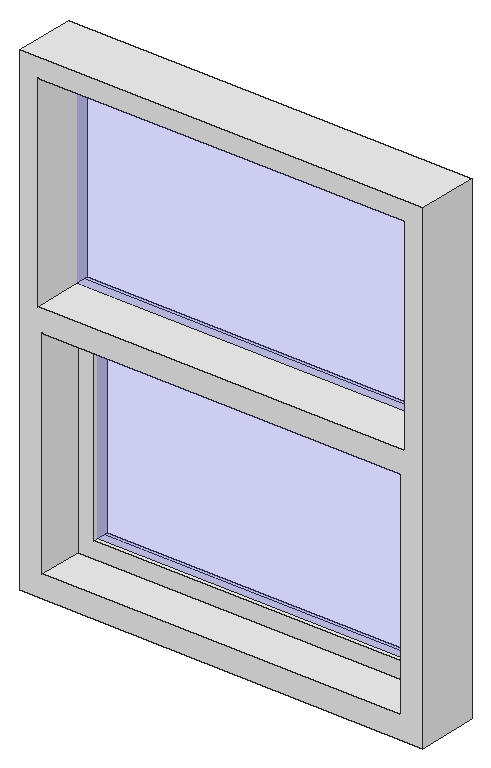
Revit family
Parameters
  창 두께 = 150 mm
  창 패널 = AW8 창 패널
  창 프레임 = AW8 창 프레임
  Height = 1200 mm
  기본 씰 높이 = 1200 mm
  Wall Closure = (empty or 0)
  Width = 1000 mm
Reference planes
  plane 1: y = 0
  plane 2 "중심(왼쪽/오른쪽)": x = 0
  plane 3 "왼쪽": x = -500
  plane 4 "오른쪽": x = 500
  plane 5 "씰": z = 1200
  plane 6 "헤드": z = 2400
  plane 7 "외부": y = 100
  plane 8 "내부": y = -100
  plane 9: y = 75
  plane 10: y = -75
  plane 11: y = 35
  plane 12: x = -455
  plane 13: x = 455
  plane 14: x = -445
  plane 15: x = 445
  plane 16: z = 1800
  plane 17: z = 1790
  plane 18: z = 1845
  plane 19: y = 55
  plane 20: y = 66
  plane 21: y = 44
  plane 22: y = -11
  plane 23: y = 11
Forms (mm)
  Sweep 1, solid, material "AW8 창 프레임" <- "창 프레임"
    path origin (-2000, 75, 1000) x (-1, 0, 0) y (0, 0, 1)
      loop
        line (-2455, 800) -> (-2455, 245) -> (-1545, 245) -> (-1545, 800) -> (-2455, 800)
    profile origin (455, 75, 1245) x (1, 0, 0) y (0, 1, 0)
      loop
        line (0, 0) -> (-50, 0) -> (-50, -40) -> (0, -40) -> (0, 0)
  Sweep 2, solid, material "AW8 창 프레임" <- "창 프레임"
    path origin (-2000, 75, 1000) x (-1, 0, 0) y (0, 0, 1)
      loop
        line (-2500, 800) -> (-2500, 200) -> (-1500, 200) -> (-1500, 800)
    profile origin (500, 75, 1500) x (0, 1, 0) y (-1, 0, 0)
      loop
        line (0, 0) -> (0, 45) -> (-40, 45) -> (-40, 55) -> (-150, 55) -> (-150, 0) -> (0, 0)
  Sweep 3, solid, material "AW8 창 프레임" <- "창 프레임"
    path origin (-2000, 75, 1000) x (-1, 0, 0) y (0, 0, 1)
      loop
        line (-2500, 800) -> (-2500, 1400) -> (-1500, 1400) -> (-1500, 800)
    profile origin (500, 75, 2100) x (1, 0, 0) y (0, 1, 0)
      loop
        line (0, 0) -> (-45, 0) -> (-45, -150) -> (0, -150) -> (0, 0)
  Extrusion 4, solid, material "AW8 창 프레임" <- "창 프레임"
    sketch origin (455, -636.204, 1000) x (0, -1, 0) y (0, 0, 1)
      loop
        line (-711.204, 800) -> (-671.204, 800) -> (-671.204, 790) -> (-561.204, 790) -> (-561.204, 845) -> (-711.204, 845) -> (-711.204, 800)
    from 0 to 910
  Extrusion 5, solid, material "AW8 창 패널" <- "창 패널"
    sketch origin (0, 0, 0) x (1, 0, 0) y (0, 1, 0)
      loop
        line (-405, 66) -> (-405, 44) -> (405, 44) -> (405, 66) -> (-405, 66)
    from 1295 to 1750
  Extrusion 6, solid, material "AW8 창 패널" <- "창 패널"
    sketch origin (0, 0, 0) x (1, 0, 0) y (0, 1, 0)
      loop
        line (-455, 66) -> (-455, 44) -> (455, 44) -> (455, 66) -> (-455, 66)
    from 1845 to 2355
Cuts and joins
  joined: Sweep 2, Sweep 3, Extrusion 4
Lines and regions (mm)
  Opening 1
    outline origin (3500, -100, 0) x (1, 0, 0) y (0, 0, 1)
      loop
        line (-3000, 1200) -> (-3000, 2400) -> (-4000, 2400) -> (-4000, 1200) -> (-3000, 1200)
  symbolic lines, style "입면도 스윙"
    curve 1: line (455, 75, 1245) -> (0, 75, 1800)
    curve 2: line (0, 75, 1800) -> (-455, 75, 1245)
  symbolic lines, style "평면 스윙"
    curve 3: line (-500, 100, 0) -> (500, 100, 0)
    curve 4: line (-500, -100, 0) -> (-500, 100, 0)
    curve 5: line (500, -100, 0) -> (-500, -100, 0)
    curve 6: line (500, 100, 0) -> (500, -100, 0)
    curve 7: line (-500, 75, 0) -> (500, 75, 0)
    curve 8: line (-500, 35, 0) -> (500, 35, 0)
    curve 9: line (-500, 55, 0) -> (500, 55, 0)
Text (mm)
  text "외부" at (-1963.203, 1332.353, 0), in view "참조 레벨"
  text "내부" at (-1981.466, -818.386, 0), in view "참조 레벨"
  text "외부" at (0, 923.751, 2943.296), in view "오른쪽"
  text "외부" at (0, 1040.484, 2685.409), in view "왼쪽"
Dimensions and locks
  equal spacing: plane 3 "왼쪽", plane 2 "중심(왼쪽/오른쪽)", plane 4 "오른쪽"
  "Width": plane 3 "왼쪽" to plane 4 "오른쪽"
  "Height": plane 5 "씰" to plane 6 "헤드"
  "기본 씰 높이": plane 5 "씰" to level
  locked: plane 7 "외부" to host wall at 0
  locked: plane 8 "내부" to host wall
  "창 두께": plane 9 to plane 10
  equal spacing: plane 9, host wall, plane 10
  equal spacing: plane 5 "씰", plane 16, plane 6 "헤드"
  locked: plane 5 "씰" to Sweep 1 sketch curve at 45
  Sweep 1 sketch curve to Sweep 1 sketch curve = 50 mm
  plane 17 to plane 16 to plane 18 = 10 mm locked, 45 mm locked
  plane 9 to plane 19 to plane 11 = 20 mm locked, 20 mm locked
  plane 20 to plane 19 to plane 21 = 11 mm locked, 11 mm locked
  plane 23 to host wall to plane 22 = 11 mm locked, 11 mm locked
  plane 3 "왼쪽" to plane 12 = 45 mm
  plane 13 to plane 4 "오른쪽" = 45 mm
  aligned and locked: Sweep 2 to Extrusion 4 sketch curve  (x2)
  aligned and locked: Extrusion 4 sketch curve to plane 18
  aligned and locked: plane 16 to Extrusion 4 sketch curve
  aligned and locked: plane 17 to Extrusion 4 sketch curve
  aligned and locked: Extrusion 4 sketch curve to Sweep 2
  aligned and locked: Sweep 1 to Extrusion 5 sketch curve  (x2)
  aligned and locked: Extrusion 5 sketch curve to plane 20
  aligned and locked: plane 21 to Extrusion 5 sketch curve
  aligned and locked: Extrusion 5 to Sweep 1  (x2)
  aligned and locked: plane 18 to Extrusion 6
  aligned and locked: plane 12 to Extrusion 6 sketch curve
  aligned and locked: Extrusion 6 sketch curve to plane 20
  aligned and locked: plane 21 to Extrusion 6 sketch curve
  aligned and locked: plane 13 to Extrusion 6 sketch curve
  aligned and locked: plane 6 "헤드" to Sweep 3 sketch curve
  aligned and locked: plane 12 to Extrusion 4
  aligned and locked: plane 16 to Sweep 1 sketch curve
  aligned and locked: Sweep 3 sketch curve to plane 4 "오른쪽"
  aligned and locked: plane 13 to Sweep 3 sketch curve
  aligned and locked: plane 4 "오른쪽" to Sweep 3 sketch curve
  aligned and locked: Extrusion 6 to cut or joined group of Sweep 2, Sweep 3, Extrusion 4
  aligned and locked: Sweep 1 sketch curve to plane 13
  aligned and locked: curve 3 to host wall  (x2)
  aligned and locked: curve 6 to host wall  (x2)
  aligned and locked: curve 7 to cut or joined group of Sweep 2, Sweep 3, Extrusion 4
  aligned and locked: curve 8 to plane 11
  aligned and locked: curve 9 to plane 19
Automatic sketch dimensions
  Opening 1 sketch curve to plane 3 "왼쪽" = 0 mm
  Opening 1 sketch curve to plane 4 "오른쪽" = 0 mm
  Opening 1 sketch curve to plane 5 "씰" = 0 mm
  Opening 1 sketch curve to plane 6 "헤드" = 0 mm
  Sweep 2 sketch curve to plane 4 "오른쪽" = 0 mm
  Sweep 2 sketch curve to plane 3 "왼쪽" = 0 mm
  Sweep 2 sketch curve to plane 5 "씰" = 0 mm
  Sweep 2 sketch curve to plane 16 = 0 mm  (x2)
  Sweep 2 sketch curve to profile plane = 0 mm
  Sweep 2 sketch curve to plane 9 = 0 mm
  Sweep 2 sketch curve to plane 9 = 40 mm
  Sweep 2 sketch curve to Sweep 2 sketch curve = 110 mm
  Sweep 2 sketch curve to Sweep 2 sketch curve = 45 mm
  Sweep 2 sketch curve to profile plane = 55 mm
  curve 1 to plane 13 = 0 mm
  curve 1 to plane 2 "중심(왼쪽/오른쪽)" = 0 mm
  curve 2 to plane 12 = 0 mm
  curve 2 to plane 16 = 0 mm
  curve 1 to plane 5 "씰" = 45 mm
  curve 2 to plane 5 "씰" = 45 mm
  Sweep 1 sketch curve to plane 13 = 0 mm
  Sweep 1 sketch curve to plane 12 = 0 mm
  Sweep 3 sketch curve to plane 9 = 0 mm
  Sweep 3 sketch curve to plane 9 = 150 mm
  Sweep 3 sketch curve to plane 3 "왼쪽" = 0 mm
  Sweep 3 sketch curve to plane 16 = 0 mm  (x2)
  Sweep 1 sketch curve to plane 9 = 0 mm
  Sweep 1 sketch curve to plane 9 = 40 mm
